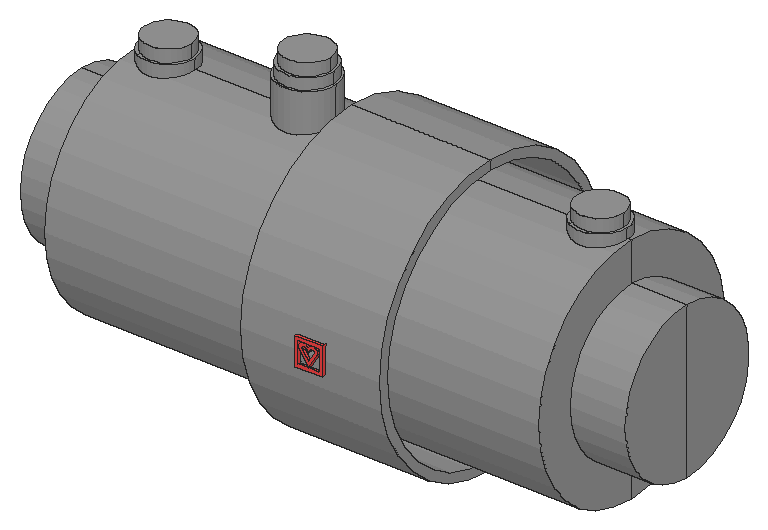
Revit family "Клапан предотвращения обратного потока 0307, наружная резьба х наружная резьба", category Rohrzubehör, Revit 2020
Family settings
  Bemaßung runder Anschluss = Durchmesser verwenden
  Teiletyp = Unterbricht
  OmniClass-Nummer = 23.65.55.14
  OmniClass-Titel = Valves for Liquid Services
  Arbeitsebenenbasiert = Nein
  Immer vertikal = Ja
  Beim Laden mit Abzugskörper schneiden = Nein
  Gemeinsam genutzt = Nein
Parameters (values of type "наружная резьба х наружная резьба DN50-DN50")
  Среда = "вода (не пар)"
  Примечание = "В соответствии со статьей 33 Регламента REACH (Registration; Evaluation; Authorisation; Restriction of Chemicals) (EC № 1907/2006) мы обязаны указать, что свинец внесен в список SVHC (Substances of Very High Concern - вещества очень высокой важности) и весовой процент свинца во всех латунных компонентах заводского изготовления в наших изделиях, превышает 0,1 % (w/w) (CAS: 7439-92-1 / EINECS: 231-100-4).\r\nПоскольку свинец является легирующим компонентом сплава, прямое негативное влияние исключается, и поэтому дополнительной информации о безопасном использовании не требуется."
  Область применения = "Клапан предотвращения обратного потока является экономически выгодным решением по дооснащению гидрантов арматурой, в соответствии с предписаниями DIN EN 1717, предотвращающей подсасывание непитьевой воды обратно в трубопровод питьевого водоснабжения.\r\nКлапан предотвращения обратного потока предназначается для установки в горизонтальном положении.\r\nДопускается также его вертикальное положение, но обязательно по направлению движения потока сверху вниз.\r\nКлапан не предусмотрен для установки на стояковых нагнетательных трубопроводах."
  Макс. рабочее давление = 1000000.0 Pa  # constant formula
  Макс. рабочая температура = 65 °C  # constant formula
  Корпус = "нержавеющая сталь"  # constant formula
  Исполнение = "Клапан предотвращения обратного потока ВА разработан согласно требованиям нормы DIN EN 1717.\r\nСогласно этой нормы качество воды, в зависимости от степени загрязнения, разделяется на 5 категорий.\r\nКлапан предотвращения обратного потока типа ВА обеспечивает защиту от непитьевой воды до 4 категории, - это самый высокий класс защиты, который может обеспечить арматура.\r\nБолее низкий уровень защиты, чем тот, что обеспечивается клапаном предотвращения обратного потока, не является стандартом и в случае аварии ответственность несёт потребитель такого гидранта.\r\nФункциональный узел представляет собой картридж с золотником больших размеров и защищающего от гидравлического удара спускного клапана.\r\nРезьбы соединения между собой взаимозаменяемы, при этом возможны 16 вариантов подключения (входная и выходная стороны могут быть с внутренней или наружной резьбой  1 1/2\" , как альтернатива,  с внутренней или наружной резьбой 2\")."
  Vorgabe-Ansicht = 0.000 mm
  URL = "www.herz-armaturen.ru"
  SCTWSEQ = "AW;SBT_TYP_AW=\"104\";2"
  SCTWCODE = "04;12;02"  # constant formula
  S03 = 15.000 mm  # constant formula
  S02 = 45.000 mm  # constant formula
  S01 = 98.000 mm  # constant formula
  Nennweite Ein [instance] = if(AG_AG_DN40_DN40, 40.000 mm, if(AG_AG_DN40_DN50, 40.000 mm, if(AG_AG_DN50_DN40, 50.000 mm, if(AG_AG_DN50_DN50, 50.000 mm, 0.000 mm))))  # 50.000 mm
  Nennweite Aus [instance] = if(AG_AG_DN40_DN40, 40.000 mm, if(AG_AG_DN40_DN50, 50.000 mm, if(AG_AG_DN50_DN40, 40.000 mm, if(AG_AG_DN50_DN50, 50.000 mm, 0.000 mm))))  # 50.000 mm
  Макс. допустимая рабочая температура (кратковременно) = 80 °C  # constant formula
  L05 = 73.000 mm  # constant formula
  L04 = 28.000 mm  # constant formula
  L03 = 87.500 mm  # constant formula
  L02 = 18.000 mm  # constant formula
  L01 = 196.000 mm  # constant formula
  Hersteller = "HERZ Armaturen Ges.m.b.H."  # constant formula
  Положение при монтаже = "горизонтально или вертикально, с направлением потока сверху вниз"  # constant formula
  D02 = 45.000 mm  # constant formula
  D01 = 37.500 mm  # constant formula
  Номер заказа [instance] = if(AG_AG_DN40_DN40, "I030703", if(AG_AG_DN40_DN50, "I030711", if(AG_AG_DN50_DN40, "I030715", if(AG_AG_DN50_DN50, "I030707", "0"))))  # "I030707"
  AG_AG_DN50_DN50 = yes
  AG_AG_DN50_DN40 = no
  AG_AG_DN40_DN50 = no
  AG_AG_DN40_DN40 = no
  AG Aus [instance] = Nennweite Aus / 2  # 25.000 mm
  AG Ein [instance] = Nennweite Ein / 2  # 25.000 mm
Types (5, lengths in mm): name | Nennweite Ein | Nennweite Aus | Номер заказа | AG_AG_DN50_DN50 | AG_AG_DN50_DN40 | AG_AG_DN40_DN50 | AG_AG_DN40_DN40 | AG Aus | AG Ein
  (no name) | 50.000 | 50.000 | "I030707" | yes | no | no | no | 25.000 | 25.000
  наружная резьба х наружная резьба DN40-DN50 | 40.000 | 50.000 | "I030711" | no | no | yes | no | 25.000 | 20.000
  наружная резьба х наружная резьба DN40-DN40 | 40.000 | 40.000 | "I030703" | no | no | no | yes | 20.000 | 20.000
  наружная резьба х наружная резьба DN50-DN50 | 50.000 | 50.000 | "I030707" | yes | no | no | no | 25.000 | 25.000
  наружная резьба х наружная резьба DN50-DN40 | 50.000 | 40.000 | "I030715" | no | yes | no | no | 20.000 | 25.000
Reference planes
  plane 1 "Mitte (Vorne/hinten)": y = 0
  plane 2: z = 0
  plane 3 "Mitte (Links/rechts)": x = 0
Forms (mm)
  Revolve 1, solid, material "Messing, weicher Gelbton, geschweißt", detail levels fine
    sketch origin (0, 0, 0) x (1, 0, 0) y (0, 0, 1)
      loop
        line (-98, 0) -> (98, 0) -> (98, 25) -> (80, 25) -> (80, 37.5) -> (-80, 37.5) -> (-80, 25) -> (-98, 25) -> (-98, 0)
      axis (-98, 0) -> (98, 0)
    angle from 0 to 360
  Revolve 2, solid, material "Acetalharz, Schwarz", detail levels fine
    sketch origin (0, 0, 0) x (1, 0, 0) y (0, 0, 1)
      loop
        line (-10.5, 0) -> (1.5, 0) -> (1.5, 42) -> (34.5, 42) -> (34.5, 45) -> (-10.5, 45) -> (-10.5, 0)
      axis (-10.5, 0) -> (34.5, 0)
    angle from 0 to 360
  Extrusion 3, solid, material "Messing, weicher Gelbton, geschweißt", detail levels fine
    sketch origin (0, 0, 0) x (1, 0, 0) y (0, 1, 0)
      loop
        circle (-70, 0) r 8.5
      loop
        circle (70, 0) r 8.5
    from 0 to 40.5
  Extrusion 4, solid, material "Acetalharz, Schwarz", detail levels fine
    sketch origin (0, 0, 0) x (1, 0, 0) y (0, 1, 0)
      loop
        circle (-70, 0) r 7.5
      loop
        circle (70, 0) r 7.5
    from 40.5 to 44.5
  Extrusion 5, solid, material "Messing, weicher Gelbton, geschweißt", detail levels fine
    sketch origin (0, 0, 0) x (1, 0, 0) y (0, 1, 0)
      loop
        circle (-25, 0) r 9.3
    from 0 to 49
  Extrusion 6, solid, material "Messing, weicher Gelbton, geschweißt", detail levels fine
    sketch origin (0, 0, 0) x (1, 0, 0) y (0, 1, 0)
      loop
        circle (-25, 0) r 8.5
    from 49 to 52.5
  Extrusion 7, solid, material "Acetalharz, Schwarz", visible <- "AG_AG_DN40_DN50", detail levels fine
    sketch origin (0, 0, 0) x (1, 0, 0) y (0, 1, 0)
      loop
        circle (-25, 0) r 7.5
    from 52.5 to 56.5
  Extrusion 8, solid, material "Acetalharz, Schwarz", visible <- "AG_AG_DN40_DN40", detail levels fine
    sketch origin (0, 0, 0) x (1, 0, 0) y (0, 1, 0)
      loop
        circle (-25, 0) r 7.5
    from 52.5 to 56.4
  Extrusion 9, solid, material "Acetalharz, Schwarz", visible <- "AG_AG_DN50_DN50", detail levels fine
    sketch origin (0, 0, 0) x (1, 0, 0) y (0, 1, 0)
      loop
        circle (-25, 0) r 7.5
    from 52.5 to 56.3
  Extrusion 10, solid, material "Acetalharz, Schwarz", visible <- "AG_AG_DN50_DN40", detail levels fine
    sketch origin (0, 0, 0) x (1, 0, 0) y (0, 1, 0)
      loop
        circle (-25, 0) r 7.5
    from 52.5 to 56.2
Lines and regions (mm)
  model lines, detail levels coarse+medium
    curve 1: line (-98, 0, 37.5) -> (98, 0, 37.5)
    curve 2: line (-98, 0, -37.5) -> (-98, 0, 37.5)
    curve 3: line (98, 0, -37.5) -> (-98, 0, -37.5)
    curve 4: line (98, 0, 37.5) -> (98, 0, -37.5)
    curve 5: line (-98, 0, -22.5) -> (-53, 0, -22.5)
    curve 6: line (0, 0, -22.5) -> (98, 0, -22.5)
    curve 7: line (-98, 0, 22.5) -> (-53, 0, 22.5)
    curve 8: line (0, 0, 22.5) -> (98, 0, 22.5)
    curve 9: line (-98, 37.5, 0) -> (98, 37.5, 0)
    curve 10: line (-98, -37.5, 0) -> (-98, 37.5, 0)
    curve 11: line (98, -37.5, 0) -> (-98, -37.5, 0)
    curve 12: line (98, 37.5, 0) -> (98, -37.5, 0)
    curve 13: line (-98, 22.5, 0) -> (-53, 22.5, 0)
    curve 14: line (0, 22.5, 0) -> (98, 22.5, 0)
    curve 15: line (-98, -22.5, 0) -> (-53, -22.5, 0)
    curve 16: line (0, -22.5, 0) -> (98, -22.5, 0)
Dimensions and locks
  "L02": Revolve 1 sketch curve to Revolve 1 sketch curve  (x2)
  "L01": Revolve 1 sketch curve to Revolve 1 sketch curve
  equal spacing: Revolve 1 sketch curve, plane 3 "Mitte (Links/rechts)", Revolve 1 sketch curve
  "AG Ein": Revolve 1 sketch curve to plane 2
  "AG Aus": Revolve 1 sketch curve to plane 2
  "D01": Revolve 1 sketch curve to plane 2
  "L03": Revolve 1 to Revolve 2 sketch curve
  equal spacing: curve 4, plane 3 "Mitte (Links/rechts)", curve 2
  "L01": curve 4 to curve 2
  "D01": curve 1 to plane 2 to curve 3
  "S03": curve 5 to curve 3
  "S03": curve 1 to curve 7
  "S03": curve 1 to curve 8
  "S03": curve 6 to curve 3
  "S02": curve 5 to curve 2
  "S02": curve 7 to curve 2
  "S01": curve 8 to curve 4
  "S01": curve 6 to curve 4
  equal spacing: curve 10, plane 3 "Mitte (Links/rechts)", curve 12
  "L01": curve 10 to curve 12
  "D01": curve 11 to plane 1 "Mitte (Vorne/hinten)" to curve 9
  "S03": curve 13 to curve 9
  "S03": curve 11 to curve 15
  "S03": curve 14 to curve 9
  "S03": curve 11 to curve 16
  "S01": curve 14 to curve 12
  "S01": curve 16 to curve 12
  "S02": curve 10 to curve 15
  "S02": curve 10 to curve 13
  "D02": Revolve 2 sketch curve to Revolve 2 sketch curve
  equal spacing: Revolve 2, nested 1, Revolve 2
  "D02": nested 1 to plane 1 "Mitte (Vorne/hinten)"
  "L04": Revolve 1 to Extrusion 3 sketch curve
  "L04": Extrusion 3 sketch curve to Revolve 1
  "L04": Extrusion 4 sketch curve to Revolve 1
  "L04": Revolve 1 to Extrusion 4 sketch curve
  "L05": Revolve 1 to Extrusion 5 sketch curve
  "L05": Revolve 1 to Extrusion 6 sketch curve
  "L05": Revolve 1 to Extrusion 10 sketch curve
  "L05": Revolve 1 to Extrusion 9 sketch curve
  "L05": Revolve 1 to Extrusion 8 sketch curve
  "L05": Revolve 1 to Extrusion 7 sketch curve
  aligned and locked: level to plane 2
Automatic sketch dimensions
  Revolve 1 sketch curve to level = 0.000 mm  (x2)
  Revolve 1 sketch curve to Revolve 1 sketch curve = 1408.530 mm
  Revolve 1 sketch curve to Revolve 1 sketch curve = 1741.148 mm
  Revolve 2 sketch curve to level = 0.000 mm  (x2)
  plane 3 "Mitte (Links/rechts)" to Revolve 2 sketch curve = 1.500 mm
  Revolve 2 sketch curve to Revolve 2 sketch curve = 33.000 mm
  Revolve 2 sketch curve to Revolve 2 sketch curve = 3.000 mm
  Revolve 2 sketch curve to Revolve 2 sketch curve = 1496.030 mm
  Revolve 2 sketch curve to Revolve 2 sketch curve = 1804.648 mm
  plane 1 "Mitte (Vorne/hinten)" to Extrusion 3 sketch curve = 0.000 mm  (x2)
  plane 1 "Mitte (Vorne/hinten)" to Extrusion 4 sketch curve = 0.000 mm  (x2)
  plane 1 "Mitte (Vorne/hinten)" to Extrusion 5 sketch curve = 0.000 mm
  plane 1 "Mitte (Vorne/hinten)" to Extrusion 6 sketch curve = 0.000 mm
  plane 1 "Mitte (Vorne/hinten)" to Extrusion 7 sketch curve = 0.000 mm
  plane 1 "Mitte (Vorne/hinten)" to Extrusion 8 sketch curve = 0.000 mm
  plane 1 "Mitte (Vorne/hinten)" to Extrusion 9 sketch curve = 0.000 mm
  plane 1 "Mitte (Vorne/hinten)" to Extrusion 10 sketch curve = 0.000 mm
  radius of Extrusion 3 sketch curve = 8.500 mm  (x2)
  radius of Extrusion 4 sketch curve = 7.500 mm  (x2)
  radius of Extrusion 5 sketch curve = 9.300 mm
  radius of Extrusion 6 sketch curve = 8.500 mm
  radius of Extrusion 7 sketch curve = 7.500 mm
  radius of Extrusion 8 sketch curve = 7.500 mm
  radius of Extrusion 9 sketch curve = 7.500 mm
  radius of Extrusion 10 sketch curve = 7.500 mm
Nested families
  nested 1: "Herz-Logo-vorne" at (12, -45, 0) x (0, 1, 0) z (0, 0, 1), type "Herz-Logo-vorne", detail levels fine
Connectors
  piping at (-98, 0, 0), diameter 50, driven by "Nennweite Ein"
    settings: on Revolve 1, index 2, connector inside diameter 609.6 mm, connector length 0.000 mm, flow factor 0, pipe flow 0.0 L/s, pressure drop 0.0 Pa, fitting loss kfactor 0, connector angle 0.00°, fixture units 0, engagement length 0.000 mm, angle of deflection 0.00°, flow configuration 0, flow direction 1, fitting loss method 0, system type 29, joint type 0, gender type 0, connector reference index -1, connector utility 0, adjustable connector no, is connector primary yes, connector description ""
  piping at (98, 0, 0), diameter 50, driven by "Nennweite Aus"
    settings: on Revolve 1, index 3, connector inside diameter 609.6 mm, connector length 0.000 mm, flow factor 0, pipe flow 0.0 L/s, pressure drop 0.0 Pa, fitting loss kfactor 0, connector angle 0.00°, fixture units 0, engagement length 0.000 mm, angle of deflection 0.00°, flow configuration 0, flow direction 2, fitting loss method 0, system type 29, joint type 0, gender type 0, connector reference index -1, connector utility 0, adjustable connector no, is connector primary no, connector description ""
Definition of nested family "Herz-Logo-vorne"
  Parameters (values of type "Herz-Logo-vorne")
    Default Elevation = 0.000 mm
  Reference planes
    plane 1 "Mitte (Vorne/hinten)": y = 0
    plane 2: z = 0
    plane 3 "Mitte (Links/rechts)": x = 0
  Forms (mm)
    Extrusion 1, solid
      sketch origin (0.732, -0.018, 0.017) x (0, -1, 0) y (0, 0, 1)
        loop
          line (-0.018, -4.517) -> (4.482, -4.517) -> (4.482, 4.483) -> (-4.518, 4.483) -> (-4.518, -4.517) -> (-0.018, -4.517)
        loop
          line (-0.05, -3.48) -> (3.482, -3.48) -> (3.482, 3.483) -> (-3.518, 3.483) -> (-3.518, -3.48) -> (-0.05, -3.48)
        loop
          arc (-0.018, 2.383) -> (-1.543, 3.287) -> (-3.067, 2.383) r 1.738
          arc (-3.067, 2.383) -> (-3.191, 1.899) -> (-3.067, 1.415) r 1.009
          line (-3.067, 1.415) -> (-0.018, -3.281) -> (3.032, 1.415)
          arc (3.032, 1.415) -> (3.156, 1.899) -> (3.032, 2.383) r 1.009
          arc (3.032, 2.383) -> (1.507, 3.287) -> (-0.018, 2.383) r 1.738
        loop
          arc (1.885, 1.272) -> (2.005, 1.675) -> (1.885, 2.079) r 0.74
          arc (1.885, 2.079) -> (1.265, 2.416) -> (0.644, 2.079) r 0.74
          line (0.644, 2.079) -> (-0.018, 0.97) -> (-0.679, 2.079)
          arc (-0.679, 2.079) -> (-1.3, 2.416) -> (-1.921, 2.079) r 0.74
          arc (-1.921, 2.079) -> (-2.04, 1.675) -> (-1.921, 1.272) r 0.74
          line (-1.921, 1.272) -> (-0.018, -1.658) -> (1.885, 1.272)
      from 0 to 1.5
  Dimensions and locks
    aligned and locked: level to plane 2
